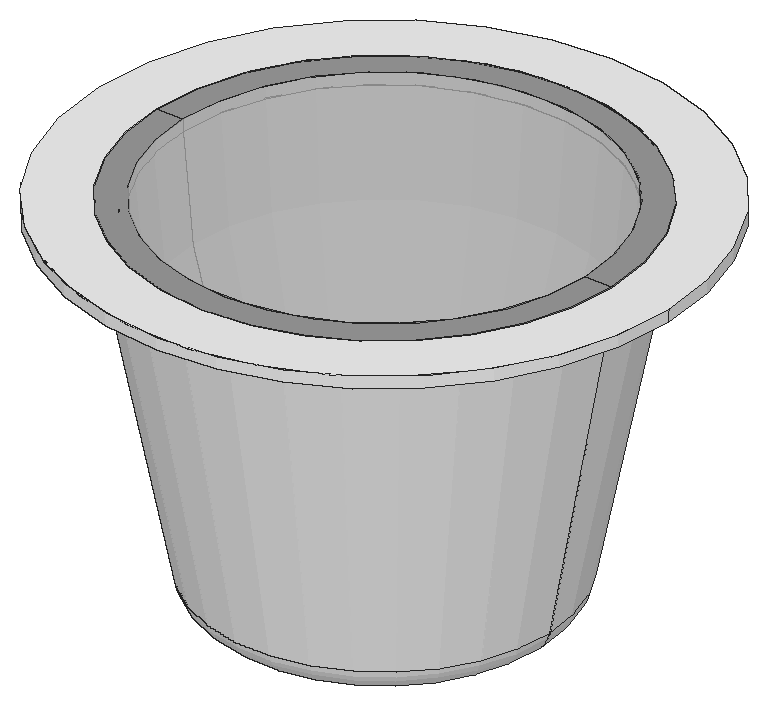
Revit family "2060530 Sylvania Lighting Fixture ASCENT100 II ARCH 1900 3K STD 120", category Lighting Fixtures, host Face, Revit 2016
Family settings
  Host = Face
  Part Type = Normal
  Round Connector Dimension = Use Diameter
  OmniClass Number = 23.80.70.11.17
  OmniClass Title = Specialized Lighting by Location or Use
  Cut with Voids When Loaded = No
  Light Source = Yes
  Shared = No
  Room Calculation Point = No
Parameters (values of type "2060530 ASCT100 II ARCH 1900 3K STD 120")
  Weight = "0.715 kg"
  WarrantyStartDate [instance] = "n/a"
  WarrantyGuarantorParts = "n/a"
  WarrantyDurationUnit = "n/a"
  WarrantyDurationParts = "n/a"
  WarrantyDescription = "n/a"
  Voltage = 0 V
  TypeName = "ASCENT100 II ARCH 1900 3K STD 120"
  SerialNumber [instance] = "n/a"
  ReflectorRadius_SYL = Radius_SYL - 15.0 mm  # 60.0 mm
  PowerFactor = 0
  PowerConsumption = "18 W"
  NominalWidth = 0.0 mm
  NominalLength = 0.0 mm
  NominalHeight = 94.0 mm
  Name = "ASCENT100 II ARCH 1900 3K STD 120"
  ModelReference = "ASCENT100 II ARCH 1900 3K STD 120"
  ModelNumber = "2060530"
  Material_4_SYL = Aluminium_Sylvania_Ascent_Silver
  Radius_SYL = 75.0 mm
  Wattage = 18 W
  built-in parameter 1150110 = 1 (stored number, unit not read)
  URL = "http://www.sylvania-lighting.com"
  built-in parameter 1114217 = 1 (stored number, unit not read)
  Tilt Angle = -90°
  built-in parameter 1150109 = 1 (stored number, unit not read)
  built-in parameter 1150134 = (empty or 0)
  built-in parameter 1150113 = 1 (stored number, unit not read)
  Photometric Web File = "2060530.ies"
  Material = "aluminium housing, acrylic diffuser"
  ManufacturerName = "Feilo Sylvania"
  LuminousEfficacy = "105 lm/W"
  LuminaireType = ""
  LightOutputRatio = "100"
  LampsType = Lamp  # "LED"
  LampNominalLuminous = "1887 lm"
  LampMacAdamStep = "n/a"
  LampColourTemperature = "3000 K"
  LampColourRenderingIndex = "80"
  Keynote = "16500"
  InstallationDate [instance] = "n/a"
  InputVoltage = "n/a"
  InputNominalFrequency = "n/a"
  IngressProtection = "IP40"
  ImpactProtectionIndex = "IK02"
  IfcExportType = "IfcLightFixtureType"
  IfcExportAs = "IfcLightFixtureType"
  Height_SYL = 94.0 mm
  ExpectedLife = 50000
  Emit from Circle Diameter = 2 * DiffuserRadius_SYL  # 106.0 mm
  Emit Shape Visible in Rendering = no
  ElectricShockClassification = "Class II"
  DurationUnit = "hours"
  DocumentationLiterature = "http://www.sylvania-lighting.com/product/en-int/products/2060530"
  DimmingControlOptions = "n/a"
  DiffuserRadius_SYL = ReflectorRadius_SYL - 7.0 mm  # 53.0 mm
  Material_3_SYL = Polycarbonate_Sylvania_Ascent_Clear
  Diameter_SYL = 2 * Radius_SYL  # 150.0 mm
  CutoutDiameter_SYL = Diameter_SYL - 13.0 mm  # 137.0 mm
  CreatedOn = "9/17/2018"
  CreatedBy = "@sylvania-lighting.com"
  built-in parameter 1114216 [instance] = 1 (stored number, unit not read)
  Model = "ASCENT100 II ARCH 1900 3K STD 120"
  Manufacturer = "Feilo Sylvania"
  built-in parameter 1150105 = 150.4 (stored number, unit not read)
  Lumens = 1890 lm
  built-in parameter 1150115 = 1 (stored number, unit not read)
  built-in parameter 1150137 = (empty or 0)
  built-in parameter 1150139 = (empty or 0)
  built-in parameter 1150112 = 1 (stored number, unit not read)
  built-in parameter 1150114 = 1 (stored number, unit not read)
  Lamp = "LED"
  built-in parameter 1150132 = 2
  built-in parameter 1150102 = (empty or 0)
  built-in parameter 1150107 = 3000 (stored number, unit not read)
  built-in parameter 1150138 = (empty or 0)
  built-in parameter 1150106 = 1.504 (stored number, unit not read)
  Material_1_SYL = Aluminum_Sylvania_Ascent_White
  built-in parameter 1150104 = 9.7548 (stored number, unit not read)
  Dimming Lamp Color Temperature Shift = <None>
  Description = "Direct LED retro fit for original LED 100 Arch (120) single CFL lamp offering Matching lumen levels and improved light distribution of original LED 100 CFL lamp equivalents Typically half the power consumption compared to CFL Up to 104lm/W 120mm aperture Architectural reflector accepts range of glass accessories from existing LED 100 Arch 120 offering HE, HO and VHO versions equivalent of single 1 x 13W, 1 x 18W, 1 x 26W Additional VVHO versions which offer the performance circa 2 x 26W equivalent"  # constant formula
  Default Elevation = 0.0 mm
  Color Filter = 16777215
  built-in parameter 1140040 [instance] = 1
  BarCode [instance] = "n/a"
  built-in parameter 1114218 = 1 (stored number, unit not read)
  built-in parameter 1150133 = 10 (stored number, unit not read)
  AssetType = "Fixed"
  AssetIdentifier [instance] = "n/a"
  Assembly Code = "D5020200"
  Apparent Load = 18 VA
  Aperture_SYL = 2 * ReflectorRadius_SYL  # 120.0 mm
  Material_2_SYL = Aluminum_Sylvania_Ascent_White
Reference planes
  plane 1 "Center (Front/Back)": y = 0
  plane 2: z = 0
  plane 3 "Center (Left/Right)": x = 0
  plane 4 "Fixture Bottom": z = 3
  plane 5: z = -52.5
  plane 6 "Fixture Top": z = -91
Forms (mm)
  Extrusion 1, solid, material "Aluminum_Sylvania_Ascent_White" <- "Material_2_SYL", detail levels fine
    sketch origin (0, 0, 0) x (1, 0, 0) y (0, 1, 0)
      loop
        circle (0, 0) r 75
      loop
        circle (0, 0) r 60
    from 0 to 3
  Extrusion 2, void
    sketch origin (0, 0, 0) x (1, 0, 0) y (0, 1, 0)
      loop
        circle (0, 0) r 68.5
    from -91 to 3
  Revolve 3, solid, material "Aluminum_Sylvania_Ascent_White" <- "Material_1_SYL", detail levels fine
    sketch origin (0, 0, 0) x (1, 0, 0) y (0, 0, 1)
      loop
        line (0, -91.073) -> (0, -89.023) -> (-35.468, -89.014)
        arc (-35.468, -89.014) -> (-39.352, -87.613) -> (-41.54, -84.139) r 6.307
        line (-41.54, -84.139) -> (-57.991, -2.844) -> (-57.991, 0) -> (-60, 0) -> (-60, -3) -> (-43.5, -84.536)
        arc (-43.5, -84.536) -> (-40.643, -89.203) -> (-35.5, -91.073) r 8.291
        line (-35.5, -91.073) -> (0, -91.073)
      axis (0, 0) -> (0, -91.073)
    angle from 0 to 360
  Revolve 4, solid, material "Aluminium_Sylvania_Ascent_Silver" <- "Material_4_SYL", detail levels fine
    sketch origin (0, 0, 0) x (1, 0, 0) y (0, 0, 1)
      loop
        line (-60, 3) -> (-60, 0) -> (-55, 0)
        arc (-55, 0) -> (-52.349, -26.77) -> (-44.5, -52.5) r 136.5
        line (-44.5, -52.5) -> (-38, -52.5)
        arc (-38, -52.5) -> (-36.857, -61.521) -> (-33.5, -69.971) r 36.166
        line (-33.5, -69.971) -> (0, -69.971) -> (0, -50.5) -> (-43.16, -50.5)
        arc (-43.16, -50.5) -> (-50.517, -25.725) -> (-53, 0) r 134.5
        line (-53, 0) -> (-53, 3) -> (-60, 3)
      axis (0, 3) -> (0, -69.971)
    angle from 0 to 360
  Extrusion 5, solid, material "Polycarbonate_Sylvania_Ascent_Clear" <- "Material_3_SYL", detail levels fine
    sketch origin (0, 0, 0) x (1, 0, 0) y (0, 1, 0)
      loop
        circle (0, 0) r 53
    from 0 to 3
  Revolve 6, solid, material "Aluminum_Sylvania_Ascent_White" <- "Material_2_SYL", detail levels coarse+medium
    sketch origin (0, 0, 0) x (1, 0, 0) y (0, 0, 1)
      loop
        line (0, -91.073) -> (0, 3) -> (-75, 3) -> (-75, 0) -> (-60, 0) -> (-60, -3) -> (-43.5, -84.536)
        arc (-43.5, -84.536) -> (-40.643, -89.203) -> (-35.5, -91.073) r 8.291
        line (-35.5, -91.073) -> (0, -91.073)
      axis (0, 3) -> (0, -91.073)
    angle from 0 to 360
Dimensions and locks
  locked: plane 4 "Fixture Bottom" to plane 2 at 3
  "Height_SYL": plane 4 "Fixture Bottom" to plane 6 "Fixture Top"
  "ReflectorRadius_SYL": plane 3 "Center (Left/Right)" to Revolve 4 sketch curve
  locked: Revolve 4 sketch curve to Revolve 4 sketch curve at 15.5
  locked: Revolve 4 sketch curve to Revolve 4 sketch curve at 5
  locked: Revolve 4 sketch curve to Revolve 4 sketch curve at 7
  locked: Revolve 4 sketch curve to Revolve 4 sketch curve at 22
  locked: Revolve 4 sketch curve to Revolve 4 sketch curve at 26.5
  locked: Revolve 3 sketch curve to Revolve 3 sketch curve at 16.5
  locked: Revolve 3 sketch curve to Revolve 3 sketch curve at 24.5
  "ReflectorRadius_SYL": Revolve 3 sketch curve to plane 3 "Center (Left/Right)"
  locked: Revolve 3 sketch curve to plane 6 "Fixture Top" at 6.464
  locked: plane 2 to Revolve 3 sketch curve at 3
  locked: Revolve 3 sketch curve to Revolve 3 sketch curve at 2
  locked: Revolve 3 sketch curve to Revolve 3 sketch curve at 2.009
  locked: plane 2 to plane 5 at 52.5
  locked: Revolve 6 sketch curve to Revolve 6 sketch curve at 31.5
  locked: Revolve 6 sketch curve to Revolve 6 sketch curve at 39.5
  locked: Revolve 6 sketch curve to Revolve 6 sketch curve at 15
  "Radius_SYL": plane 3 "Center (Left/Right)" to Revolve 6 sketch curve
  "CutoutDiameter_SYL": diameter of Extrusion 2 sketch curve
  "ReflectorRadius_SYL": radius of Extrusion 1 sketch curve
  "DiffuserRadius_SYL": radius of Extrusion 5 sketch curve
  "Radius_SYL": radius of Extrusion 1 sketch curve
  aligned and locked: host face to plane 2
  aligned and locked: host face to level
  aligned and locked: plane 1 "Center (Front/Back)" to imposter light
  aligned and locked: plane 3 "Center (Left/Right)" to imposter light
  aligned and locked: plane 4 "Fixture Bottom" to Extrusion 1
  aligned and locked: Extrusion 1 to plane 2
  aligned and locked: Revolve 3 sketch curve to plane 3 "Center (Left/Right)"
  aligned and locked: Revolve 4 sketch curve to plane 3 "Center (Left/Right)"  (x2)
  aligned and locked: plane 4 "Fixture Bottom" to Revolve 4 sketch curve
  aligned and locked: Revolve 3 sketch curve to imposter light
  aligned and locked: Extrusion 5 to plane 2
  aligned and locked: imposter light to Extrusion 5
  aligned and locked: plane 2 to Revolve 3 sketch curve  (x2)
  aligned and locked: Revolve 6 sketch curve to imposter light
  aligned and locked: Revolve 6 sketch curve to plane 3 "Center (Left/Right)"
  aligned and locked: plane 6 "Fixture Top" to Extrusion 2
  aligned and locked: imposter light to Extrusion 2
  aligned and locked: imposter light to plane 4 "Fixture Bottom"
Automatic sketch dimensions
  plane 1 "Center (Front/Back)" to Extrusion 2 sketch curve = 0.0 mm
  Extrusion 2 sketch curve to plane 3 "Center (Left/Right)" = 0.0 mm
  Extrusion 1 sketch curve to Extrusion 1 sketch curve = 0.0 mm  (x2)
  plane 1 "Center (Front/Back)" to Extrusion 1 sketch curve = 0.0 mm
  Extrusion 1 sketch curve to plane 3 "Center (Left/Right)" = 0.0 mm
  plane 6 "Fixture Top" to Revolve 3 sketch curve = 0.073 mm
  Revolve 3 sketch curve to plane 6 "Fixture Top" = 6.861 mm
  Revolve 3 sketch curve to Revolve 3 sketch curve = 0.003 mm
  Revolve 3 sketch curve to Revolve 3 sketch curve = 0.009 mm  (x2)
  Revolve 3 sketch curve to Revolve 3 sketch curve = 0.023 mm
  Revolve 3 sketch curve to Revolve 3 sketch curve = 0.072 mm
  Revolve 3 sketch curve to Revolve 3 sketch curve = 0.008 mm
  Revolve 3 sketch curve to plane 6 "Fixture Top" = 1.977 mm
  Revolve 3 sketch curve to Revolve 3 sketch curve = 33.496 mm
  Revolve 3 sketch curve to Revolve 3 sketch curve = 0.028 mm
  plane 4 "Fixture Bottom" to Revolve 3 sketch curve = 82.431 mm
  Revolve 4 sketch curve to Revolve 4 sketch curve = 0.0 mm  (x2)
  Revolve 4 sketch curve to plane 5 = 0.0 mm
  Revolve 4 sketch curve to level = 0.0 mm
  plane 5 to Revolve 4 sketch curve = 2.0 mm
  plane 4 "Fixture Bottom" to Revolve 4 sketch curve = 9.642 mm
  plane 1 "Center (Front/Back)" to Extrusion 5 sketch curve = 0.0 mm
  Extrusion 5 sketch curve to plane 3 "Center (Left/Right)" = 0.0 mm
  Revolve 4 sketch curve to level = 69.971 mm
  Revolve 4 sketch curve to Revolve 4 sketch curve = 2.387 mm
  Revolve 6 sketch curve to level = 0.0 mm
  Revolve 6 sketch curve to plane 3 "Center (Left/Right)" = 0.0 mm
  Revolve 6 sketch curve to Revolve 6 sketch curve = 8.104 mm
  Revolve 6 sketch curve to level = 3.0 mm
  Revolve 6 sketch curve to plane 6 "Fixture Top" = 6.464 mm
  plane 6 "Fixture Top" to Revolve 6 sketch curve = 0.073 mm
  Revolve 6 sketch curve to Revolve 6 sketch curve = 33.496 mm
  plane 4 "Fixture Bottom" to Revolve 6 sketch curve = 82.431 mm
  host sketch curve to host sketch curve = 1368.192 mm
  host sketch curve to host sketch curve = 1600.367 mm
Connectors
  electrical at (0, 0, -91.073), driven by "Apparent Load"
    settings: on Revolve 3, index 1, voltage 240 V, apparent load 0 VA, apparent load phase1 18 VA, apparent load phase2 0 VA, apparent load phase3 0 VA, power factor 1, load classification "Lighting", number of poles 1, system type 31, power factor state 1, is connector primary yes, connector utility no, sub classification motor no, connector description ""
